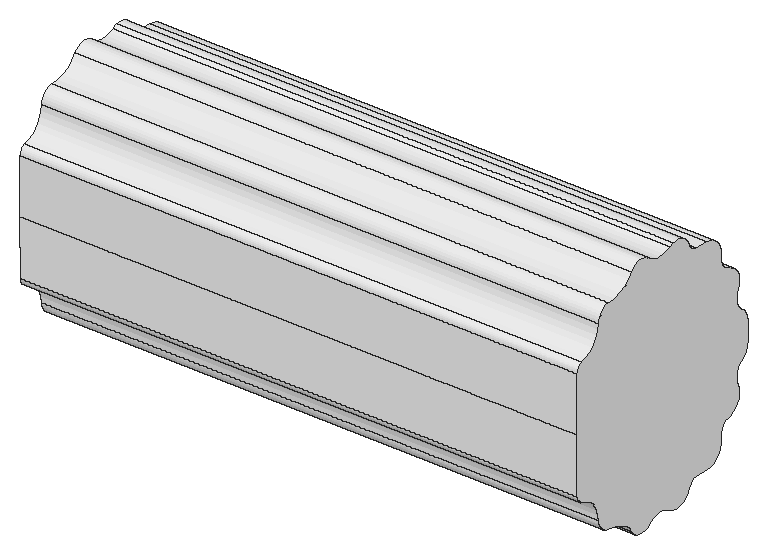
Revit family "Wavy Handle Type 1", category Generic Models, host Wall, Revit 2021
Family settings
  Host = Wall
  Can host rebar = No
  Round Connector Dimension = Use Diameter
  Part Type = Normal
  Always vertical = Yes
  Cut with Voids When Loaded = No
  Shared = No
  Room Calculation Point = No
Parameters (values of type "Chiffon")
  Materials = Chiffon Glaze
  Default Elevation = 0 mm
  6 = 5.605 mm
  44444 = 2.516 mm
  4444 = 3.827 mm
  444 = 2.906 mm
  44 = 3.902 mm
  4 = 4.226 mm
  3 = 2.85 mm
  2222 = 1.72 mm
  222 = 2.482 mm
  22 = 2.313 mm
  2 = 2.114 mm
  1 = 1.275 mm
Types (4, lengths in mm): name | Materials
  Chiffon | Chiffon Glaze
  Khaki | Khaki Glaze
  Orange | Orange Glaze
  Metallic Gold | Metallic Gold Glaze
Reference planes
  plane 1 "Wall": y = 75
  plane 2 "Center (Left/Right)": x = 125
  plane 3 "Back": y = 75
  plane 4 "LEFT": x = 80
  plane 5 "RIGHT": x = 170
  plane 6 "2": x = 168
  plane 7 "3": x = 82
  plane 8: y = 109.543
Forms (mm)
  Extrusion 1, solid, material "Chiffon Glaze" <- "Materials"
    sketch origin (125, -199.469, -1017.573) x (0, 1, 0) y (0, 0, 1)
      loop
        arc (275.47, 2016.314) -> (274.75, 2015.868) -> (274.469, 2015.069) r 1.275
        line (274.469, 2015.069) -> (274.469, 2006.176) -> (274.469, 1997.283)
        arc (274.469, 1997.283) -> (274.75, 1996.484) -> (275.47, 1996.038) r 1.275
        arc (275.47, 1996.038) -> (277.855, 1994.558) -> (278.787, 1991.911) r 4.226
        arc (278.787, 1991.911) -> (279.406, 1990.416) -> (280.901, 1989.797) r 2.114
        arc (280.901, 1989.797) -> (283.532, 1989.141) -> (285.547, 1987.327) r 5.605
        arc (285.547, 1987.327) -> (287.321, 1986.312) -> (289.207, 1987.1) r 2.313
        arc (289.207, 1987.1) -> (291.229, 1987.704) -> (293.27, 1987.166) r 3.902
        arc (293.27, 1987.166) -> (293.634, 1986.984) -> (294.02, 1986.853) r 3.017
        arc (294.02, 1986.853) -> (295.854, 1987.075) -> (297.027, 1988.503) r 2.482
        arc (297.027, 1988.503) -> (297.65, 1989.372) -> (298.667, 1989.705) r 1.72
        line (298.667, 1989.705) -> (300.638, 1989.705)
        arc (300.638, 1989.705) -> (302.693, 1990.556) -> (303.544, 1992.61) r 2.906
        line (303.544, 1992.61) -> (303.544, 1993.7)
        arc (303.544, 1993.7) -> (303.924, 1994.71) -> (304.858, 1995.251) r 1.602
        arc (304.858, 1995.251) -> (306.893, 1996.776) -> (306.9, 1999.319) r 2.85
        arc (306.9, 1999.319) -> (306.685, 2000.914) -> (307.481, 2002.313) r 2.516
        arc (307.481, 2002.313) -> (308.608, 2003.663) -> (309.012, 2005.375) r 3.827
        line (309.012, 2005.375) -> (309.012, 2006.977)
        arc (309.012, 2006.977) -> (308.608, 2008.689) -> (307.481, 2010.039) r 3.827
        arc (307.481, 2010.039) -> (306.685, 2011.438) -> (306.9, 2013.033) r 2.516
        arc (306.9, 2013.033) -> (306.893, 2015.577) -> (304.858, 2017.102) r 2.85
        arc (304.858, 2017.102) -> (303.924, 2017.642) -> (303.544, 2018.652) r 1.602
        line (303.544, 2018.652) -> (303.544, 2019.742)
        arc (303.544, 2019.742) -> (302.693, 2021.796) -> (300.638, 2022.648) r 2.906
        line (300.638, 2022.648) -> (298.667, 2022.648)
        arc (298.667, 2022.648) -> (297.65, 2022.98) -> (297.027, 2023.849) r 1.72
        arc (297.027, 2023.849) -> (295.854, 2025.277) -> (294.02, 2025.5) r 2.482
        arc (294.02, 2025.5) -> (293.634, 2025.368) -> (293.27, 2025.186) r 3.017
        arc (293.27, 2025.186) -> (291.229, 2024.648) -> (289.207, 2025.252) r 3.902
        arc (289.207, 2025.252) -> (287.321, 2026.04) -> (285.547, 2025.025) r 2.313
        arc (285.547, 2025.025) -> (283.532, 2023.211) -> (280.901, 2022.555) r 5.605
        arc (280.901, 2022.555) -> (279.406, 2021.936) -> (278.787, 2020.441) r 2.114
        arc (278.787, 2020.441) -> (277.855, 2017.794) -> (275.47, 2016.314) r 4.226
    from -45 to 45
Text (mm)
  text "Placement Side" at (-2158.059, 2518.253, 0), in view "Ref. Level"
  text "Placement side" at (0, 1409.804, 2854.306), in view "Left"
  text "Placement side" at (0, 499.811, 2980.732), in view "Right"
Dimensions and locks
  host wall to plane 3 "Back" = 0 mm
  locked: plane 4 "LEFT" to plane 5 "RIGHT" at 90
  plane 4 "LEFT" to plane 2 "Center (Left/Right)" to plane 5 "RIGHT" = 45 mm locked, 45 mm locked
  locked: plane 8 to plane 1 "Wall" at 34.543
  "3": radius of Extrusion 1
  "444": radius of Extrusion 1
  "44": radius of Extrusion 1
  "22": radius of Extrusion 1
  "6": radius of Extrusion 1
  "2": radius of Extrusion 1
  radius of Extrusion 1 = 4.226 mm
  "4": radius of Extrusion 1
  "1": radius of Extrusion 1
  "222": radius of Extrusion 1
  "2222": radius of Extrusion 1
  "44444": radius of Extrusion 1
  "4444": radius of Extrusion 1
  aligned and locked: plane 8 to Extrusion 1
  aligned and locked: plane 1 "Wall" to Extrusion 1
  aligned and locked: host wall to plane 1 "Wall"
Automatic sketch dimensions
  Extrusion 1 sketch curve to plane 8 = 0 mm
  Extrusion 1 sketch curve to plane 1 "Wall" = 0.093 mm  (x2)
  Extrusion 1 sketch curve to Extrusion 1 sketch curve = 1.275 mm  (x2)
  Extrusion 1 sketch curve to plane 1 "Wall" = 6.432 mm  (x2)
  Extrusion 1 sketch curve to Extrusion 1 sketch curve = 6.564 mm  (x2)
  Extrusion 1 sketch curve to Extrusion 1 sketch curve = 3.829 mm  (x2)
  Extrusion 1 sketch curve to Extrusion 1 sketch curve = 3.367 mm  (x2)
  Extrusion 1 sketch curve to Extrusion 1 sketch curve = 0.138 mm  (x2)
  Extrusion 1 sketch curve to Extrusion 1 sketch curve = 3.869 mm
  Extrusion 1 sketch curve to Extrusion 1 sketch curve = 4.007 mm
  Extrusion 1 sketch curve to Extrusion 1 sketch curve = 1.971 mm  (x2)
  Extrusion 1 sketch curve to Extrusion 1 sketch curve = 2.906 mm  (x2)
  Extrusion 1 sketch curve to Extrusion 1 sketch curve = 0.802 mm  (x2)
  Extrusion 1 sketch curve to Extrusion 1 sketch curve = 1.602 mm  (x2)
  Extrusion 1 sketch curve to plane 8 = 3.827 mm
  Extrusion 1 sketch curve to Extrusion 1 sketch curve = 0 mm  (x15)
  plane 8 to Extrusion 1 sketch curve = 0.144 mm  (x2)
  level to Extrusion 1 sketch curve = 966.23 mm
  Extrusion 1 sketch curve to Extrusion 1 sketch curve = 0.39 mm
  Extrusion 1 sketch curve to Extrusion 1 sketch curve = 4.182 mm
  Extrusion 1 sketch curve to Extrusion 1 sketch curve = 4.817 mm  (x2)
  Extrusion 1 sketch curve to Extrusion 1 sketch curve = 1.266 mm
  Extrusion 1 sketch curve to Extrusion 1 sketch curve = 1.72 mm  (x2)
  Extrusion 1 sketch curve to Extrusion 1 sketch curve = 0.516 mm  (x2)
  Extrusion 1 sketch curve to Extrusion 1 sketch curve = 3.291 mm
  Extrusion 1 sketch curve to Extrusion 1 sketch curve = 1.064 mm
  Extrusion 1 sketch curve to Extrusion 1 sketch curve = 1.089 mm  (x2)
  Extrusion 1 sketch curve to Extrusion 1 sketch curve = 5.373 mm  (x2)
  Extrusion 1 sketch curve to Extrusion 1 sketch curve = 4.355 mm  (x2)
  Extrusion 1 sketch curve to Extrusion 1 sketch curve = 2.38 mm  (x2)
  Extrusion 1 sketch curve to Extrusion 1 sketch curve = 4.94 mm  (x2)
  Extrusion 1 sketch curve to Extrusion 1 sketch curve = 8.893 mm  (x2)
  Extrusion 1 sketch curve to Extrusion 1 sketch curve = 1.603 mm
  Extrusion 1 sketch curve to Extrusion 1 sketch curve = 0.025 mm
  Extrusion 1 sketch curve to Extrusion 1 sketch curve = 0.063 mm
  Extrusion 1 sketch curve to Extrusion 1 sketch curve = 0.631 mm
  Extrusion 1 sketch curve to Extrusion 1 sketch curve = 7.718 mm
  Extrusion 1 sketch curve to Extrusion 1 sketch curve = 1.917 mm  (x2)
  Extrusion 1 sketch curve to Extrusion 1 sketch curve = 1.743 mm  (x2)
  Extrusion 1 sketch curve to plane 1 "Wall" = 0 mm
